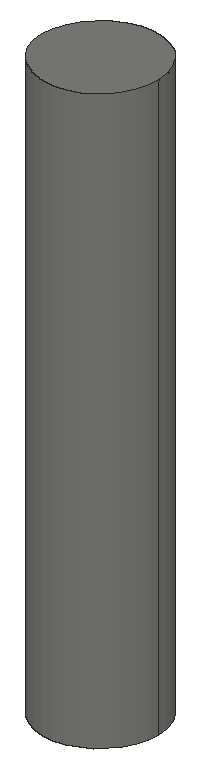
Revit family "Concrete - Round (column)", category Structural Columns, Revit 2025
Family settings
  Display in Hidden Views = Edges Hidden by Other Members
  Section Shape = Not Defined
  Material for Model Behavior = Concrete
  Always export as geometry = No
  Beam cutback in plan = From geometry
  Cut with Voids When Loaded = No
  Symbolic Representation = From Family
  Shared = No
  Show family pre-cut in plan views = Yes
Parameters (values of type "Concrete - Round (column)")
  d = 200 mm
  Structural Material = Concrete
  Creator Organization [instance] = "© Danish Educational Content"  # constant formula
  Creator Name [instance] = "© Erik Falck Jørgensen"  # constant formula
  Creator Build [instance] = "2023.0405.0"  # constant formula
Reference planes
  plane 1 "Center (Front/Back)": y = 0
  plane 2: z = 0
  plane 3 "Center (Left/Right)": x = 0
  plane 4: x = -100
  plane 5: x = 100
  plane 6: y = 100
  plane 7: y = -100
Forms (mm)
  Extrusion 1, solid, material "Concrete" <- "Structural Material"
    sketch origin (0, 0, 0) x (1, 0, 0) y (0, 1, 0)
      loop
        circle (0, 0) r 100
    from 0 to 1000
Dimensions and locks
  equal spacing: plane 4, plane 3 "Center (Left/Right)", plane 5
  equal spacing: plane 7, plane 1 "Center (Front/Back)", plane 6
  "d": plane 7 to plane 6
  "d": plane 4 to plane 5
  aligned and locked: level to Extrusion 1
  aligned and locked: level to plane 2
  aligned and locked: Extrusion 1 to plane 2
Automatic sketch dimensions
  Extrusion 1 sketch curve to plane 1 "Center (Front/Back)" = 0 mm
  Extrusion 1 sketch curve to plane 4 = 0 mm
  Extrusion 1 sketch curve to plane 3 "Center (Left/Right)" = 0 mm
